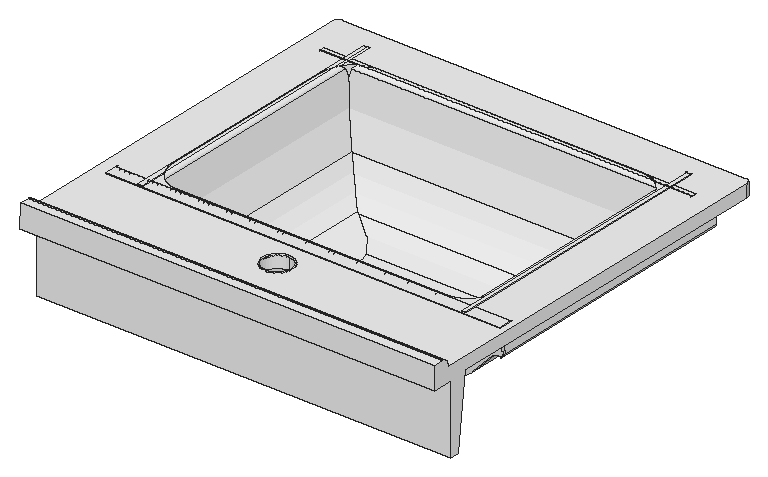
Revit family "Zara WB 50cm Vanity", category Plumbing Fixtures, host Wall, Revit 2023
Family settings
  Host = Wall
  Round Connector Dimension = Use Diameter
  Part Type = Normal
  OmniClass Number = 23.45.00.00
  OmniClass Title = Sanitary, Laundry, and Cleaning Equipment
  Enable Cutting in Views = No
  Always vertical = Yes
  Cut with Voids When Loaded = No
  Maintain Annotation Orientation = No
  Shared = No
  Room Calculation Point = No
Parameters (values of type "Type 1")
  Default Elevation = 0 mm
Reference planes
  plane 1: y = 0
  plane 2 "Center (Left/Right)": x = 125
  plane 3 "Back": y = 75
Text (mm)
  text "Placement side" at (-1787.139, 592.35, 0), in view "Ref. Level"
  text "Placement side" at (0, 230.823, 2917.686), in view "Left"
  text "Placement side" at (0, 562.268, 3853.606), in view "Right"
Dimensions and locks
  locked: plane 3 "Back" to host wall
  aligned and locked: host wall to plane 1
Nested families
  nested 1: "Zara WB 50cm Vanity" at (125, 75, 0) x (-1, 0, 0) z (0, 0, 1), type "Zara WB 50cm Vanity"
Definition of nested family "Zara WB 50cm Vanity"
  Parameters (values of type "Zara WB 50cm Vanity")
    Silver = none
    Default Elevation = 0 mm
    Ceramic = none
  Reference planes
    plane 1 "Center (Front/Back)": y = 0
    plane 2: z = 0
    plane 3 "Center (Left/Right)": x = 0
  Forms (mm)
    Extrusion 1, solid, material <- "Ceramic"
      sketch origin (0, 0, 0) x (1, 0, 0) y (0, 1, 0)
        loop
          line (-248.5, 0) -> (-248.5, -468.863)
          arc (-248.5, -468.863) -> (-246.272, -473.633) -> (-241.395, -475.616) r 7.208
          line (-241.395, -475.616) -> (0, -476) -> (241.395, -475.616)
          arc (241.395, -475.616) -> (246.272, -473.633) -> (248.5, -468.863) r 7.208
          line (248.5, -468.863) -> (248.5, 0) -> (-248.5, 0)
        loop
          arc (-156.484, -124.844) -> (-184.74, -136.097) -> (-196.506, -164.142) r 39.303
          line (-196.506, -164.142) -> (-196.5, -384.455)
          arc (-196.5, -384.455) -> (-185.009, -412.225) -> (-157.257, -423.757) r 39.303
          line (-157.257, -423.757) -> (0, -424) -> (157.257, -423.757)
          arc (157.257, -423.757) -> (185.009, -412.225) -> (196.5, -384.455) r 39.303
          line (196.5, -384.455) -> (196.506, -164.142)
          arc (196.506, -164.142) -> (184.74, -136.097) -> (156.484, -124.844) r 39.303
          line (156.484, -124.844) -> (0, -124.844) -> (-156.484, -124.844)
      from 0 to 15
    Extrusion 2, solid, material <- "Ceramic"
      sketch origin (0, 0, 0) x (0, 1, 0) y (0, 0, 1)
        loop
          line (-20.164, 15) -> (-48.178, 15) -> (-35.309, -85) -> (-25, -85) -> (-25, -2) -> (0, -2) -> (0, 25) -> (-12.126, 25)
          arc (-12.126, 25) -> (-13.314, 24.9) -> (-14.469, 24.604) r 7.126
          arc (-14.469, 24.604) -> (-17.917, 22.261) -> (-19.824, 18.554) r 8.443
          line (-19.824, 18.554) -> (-19.945, 17.295) -> (-20.164, 15)
      from -248.5 to 248.5
    Extrusion 3, solid, material <- "Ceramic"
      sketch origin (0, 0, 0) x (0, 1, 0) y (0, 0, 1)
        loop
          line (-418.973, 14.982) -> (-424, 15) -> (-424, 0) -> (-455.452, 0)
          arc (-455.452, 0) -> (-453.761, -0.851) -> (-453, -2.585) r 2.795
          line (-453, -2.585) -> (-453, -30.688)
          arc (-453, -30.688) -> (-452.239, -32.422) -> (-450.548, -33.273) r 2.795
          line (-450.548, -33.273) -> (-432.69, -33.273)
          arc (-432.69, -33.273) -> (-431.229, -33.666) -> (-430.334, -34.887) r 2.285
          arc (-430.334, -34.887) -> (-407.18, -82.303) -> (-361.098, -108.01) r 88.185
          arc (-361.098, -108.01) -> (-310.759, -115.988) -> (-259.886, -119.083) r 528.898
          arc (-259.886, -119.083) -> (-288.368, -116.148) -> (-316.694, -111.974) r 657.127
          arc (-316.694, -111.974) -> (-336.09, -106.961) -> (-354.474, -99.002) r 128.869
          arc (-354.474, -99.002) -> (-375.867, -83.571) -> (-391.698, -62.474) r 87.637
          arc (-391.698, -62.474) -> (-406.724, -26.846) -> (-414.021, 11.127) r 185.098
          arc (-414.021, 11.127) -> (-415.835, 13.905) -> (-418.973, 14.982) r 5.109
      from -223.06 to 223.06
    Extrusion 4, solid, material <- "Ceramic"
      sketch origin (0, 0, 0) x (0, 1, 0) y (0, 0, 1)
        loop
          line (-108.74, 15) -> (-124.844, 15)
          arc (-124.844, 15) -> (-128.12, 13.802) -> (-130, 10.864) r 5.454
          line (-130, 10.864) -> (-132.677, -19.703) -> (-143.1, -105.669)
          arc (-143.1, -105.669) -> (-147.358, -112.985) -> (-154.899, -116.828) r 14.993
          line (-154.899, -116.828) -> (-165.273, -118.61) -> (-165.273, -121.654) -> (-154.37, -119.781)
          arc (-154.37, -119.781) -> (-145.236, -115.107) -> (-140.142, -106.201) r 17.993
          line (-140.142, -106.201) -> (-129.693, -20.015) -> (-127.036, 10.322)
          arc (-127.036, 10.322) -> (-126.18, 11.511) -> (-124.799, 12) r 2.454
          line (-124.799, 12) -> (-108.74, 12) -> (-108.74, 15)
      from -240 to 233.329
    Extrusion 5, solid, material <- "Ceramic"
      sketch origin (0, 0, 0) x (-1, 0, 0) y (0, 0, -1)
        loop
          line (191.485, -14.982) -> (196.511, -15) -> (196.511, 0) -> (227.963, 0)
          arc (227.963, 0) -> (226.272, 0.851) -> (225.511, 2.585) r 2.795
          line (225.511, 2.585) -> (225.511, 30)
          arc (225.511, 30) -> (224.751, 31.734) -> (223.06, 32.585) r 2.795
          line (223.06, 32.585) -> (216.789, 32.585)
          arc (216.789, 32.585) -> (215.738, 32.732) -> (214.826, 33.273) r 2.682
          arc (214.826, 33.273) -> (135.961, 96.87) -> (37.469, 120.61) r 231.04
          line (37.469, 120.61) -> (37.469, 118.61)
          arc (37.469, 118.61) -> (84.17, 113.051) -> (128.751, 98.072) r 229.04
          arc (128.751, 98.072) -> (149.086, 82.869) -> (164.21, 62.474) r 87.637
          arc (164.21, 62.474) -> (179.236, 26.846) -> (186.532, -11.127) r 185.098
          arc (186.532, -11.127) -> (188.346, -13.905) -> (191.485, -14.982) r 5.109
      from 111.966 to 450.548
    Extrusion 6, solid, material <- "Ceramic"
      sketch origin (0, 0, 0) x (1, 0, 0) y (0, 0, 1)
        loop
          arc (191.485, 14.982) -> (188.346, 13.905) -> (186.532, 11.127) r 5.109
          arc (186.532, 11.127) -> (179.236, -26.846) -> (164.21, -62.474) r 185.098
          arc (164.21, -62.474) -> (149.086, -82.869) -> (128.751, -98.072) r 87.637
          arc (128.751, -98.072) -> (84.17, -113.051) -> (37.469, -118.61) r 229.04
          line (37.469, -118.61) -> (37.469, -120.61)
          arc (37.469, -120.61) -> (135.961, -96.87) -> (214.826, -33.273) r 231.04
          arc (214.826, -33.273) -> (215.738, -32.732) -> (216.789, -32.585) r 2.682
          line (216.789, -32.585) -> (223.06, -32.585)
          arc (223.06, -32.585) -> (224.751, -31.734) -> (225.511, -30) r 2.795
          line (225.511, -30) -> (225.511, -2.585)
          arc (225.511, -2.585) -> (226.272, -0.851) -> (227.963, 0) r 2.795
          line (227.963, 0) -> (196.511, 0) -> (196.511, 15) -> (191.485, 14.982)
      from 111.966 to 450.548
    Extrusion 7, void
      sketch origin (0, 0, 0) x (0, 1, 0) y (0, 0, 1)
        loop
          line (-432.69, -33.273) -> (-457.267, -33.273) -> (-457.267, -146.338) -> (-259.886, -146.338) -> (-259.886, -119.083)
          arc (-259.886, -119.083) -> (-310.759, -115.988) -> (-361.098, -108.01) r 528.898
          arc (-361.098, -108.01) -> (-407.18, -82.303) -> (-430.334, -34.887) r 88.185
          arc (-430.334, -34.887) -> (-431.229, -33.666) -> (-432.69, -33.273) r 2.285
      from -289.729 to 250
    Extrusion 8, void
      sketch origin (0, 0, 0) x (1, 0, 0) y (0, 0, 1)
        loop
          line (-267.469, 0) -> (-267.469, -150.61) -> (-37.469, -150.61) -> (-37.469, -120.61)
          arc (-37.469, -120.61) -> (-135.961, -96.87) -> (-214.826, -33.273) r 231.04
          arc (-214.826, -33.273) -> (-215.738, -32.732) -> (-216.789, -32.585) r 2.682
          line (-216.789, -32.585) -> (-223.06, -32.585)
          arc (-223.06, -32.585) -> (-224.751, -31.734) -> (-225.511, -30) r 2.795
          line (-225.511, -30) -> (-225.511, -2.585)
          arc (-225.511, -2.585) -> (-226.272, -0.851) -> (-227.963, 0) r 2.795
          line (-227.963, 0) -> (-267.469, 0)
        loop
          line (267.469, 0) -> (227.963, 0)
          arc (227.963, 0) -> (226.272, -0.851) -> (225.511, -2.585) r 2.795
          line (225.511, -2.585) -> (225.511, -30)
          arc (225.511, -30) -> (224.751, -31.734) -> (223.06, -32.585) r 2.795
          line (223.06, -32.585) -> (216.789, -32.585)
          arc (216.789, -32.585) -> (215.738, -32.732) -> (214.826, -33.273) r 2.682
          arc (214.826, -33.273) -> (135.961, -96.87) -> (37.469, -120.61) r 231.04
          line (37.469, -120.61) -> (37.469, -150.61) -> (267.469, -150.61) -> (267.469, 0)
      from 0 to 536.091
    Extrusion 9, void
      sketch origin (0, 0, 0) x (0, 1, 0) y (0, 0, 1)
        loop
          line (-127.94, 0) -> (-129.693, -20.015) -> (-140.142, -106.201)
          arc (-140.142, -106.201) -> (-145.236, -115.107) -> (-154.37, -119.781) r 17.993
          line (-154.37, -119.781) -> (-165.273, -121.654) -> (-96.8, -121.654) -> (-96.8, 0) -> (-127.94, 0)
      from -475.074 to 250
    Extrusion 10, solid, material <- "Ceramic"
      sketch origin (0, 0, 0) x (1, 0, 0) y (0, 1, 0)
        loop
          line (-37.469, -259.886) -> (37.469, -259.886) -> (37.469, -165.273) -> (-37.469, -165.273) -> (-37.469, -259.886)
      from -120.988 to -118.61
    Extrusion 11, void
      sketch origin (0, 0, 0) x (1, 0, 0) y (0, 1, 0)
        loop
          circle (0, -75) r 18
      from -2.585 to 17.412
    Revolve 12, solid, material <- "Ceramic"
      sketch origin (0, 0, 0) x (0, 1, 0) y (0, 0, 1)
        loop
          line (-93, 0) -> (-92, 0) -> (-92, 14)
          arc (-92, 14) -> (-92.293, 14.707) -> (-93, 15) r 1
          line (-93, 15) -> (-93, 0)
        axis (-75, 15) -> (-75, 0)
      angle from 0 to 360
    Extrusion 13, void
      sketch origin (0, 0, 0) x (1, 0, 0) y (0, 1, 0)
        loop
          circle (0, -198.5) r 22.5
      from -129.358 to -104.941
    Extrusion 14, solid, material <- "Ceramic"
      sketch origin (0, 0, 0) x (0, 1, 0) y (0, 0, 1)
        loop
          line (-126.24, -127.504) -> (-109.108, 12) -> (-124.799, 12)
          arc (-124.799, 12) -> (-126.18, 11.511) -> (-127.036, 10.322) r 2.454
          line (-127.036, 10.322) -> (-129.693, -20.015) -> (-140.142, -106.201)
          arc (-140.142, -106.201) -> (-145.236, -115.107) -> (-154.37, -119.781) r 17.993
          line (-154.37, -119.781) -> (-176.444, -123.572) -> (-183.855, -128.592) -> (-183.855, -150.485) -> (-155.285, -150.485)
          arc (-155.285, -150.485) -> (-144.595, -148.756) -> (-135.303, -143.194) r 28.741
          arc (-135.303, -143.194) -> (-129.532, -136.065) -> (-126.24, -127.504) r 29.384
      from -17.5 to 17.5
    Revolve 15, solid, material <- "Ceramic"
      sketch origin (0, 0, 0) x (0, 1, 0) y (0, 0, 1)
        loop
          line (-176.5, -160) -> (-176.5, -128.592) -> (-165.273, -120.988) -> (-183.176, -120.988) -> (-183.176, -160) -> (-176.5, -160)
        axis (-199, -120.988) -> (-199, -160)
      angle from 0 to 360
    Revolve 16, solid, material <- "Silver"
      sketch origin (0, -7, -840.079) x (0, 1, 0) y (0, 0, 1)
        loop
          line (-169.5, 721.469) -> (-169.5, 722.469)
          arc (-169.5, 722.469) -> (-169.793, 723.176) -> (-170.5, 723.469) r 1
          line (-170.5, 723.469) -> (-176.5, 723.469)
          arc (-176.5, 723.469) -> (-177.207, 723.176) -> (-177.5, 722.469) r 1
          line (-177.5, 722.469) -> (-177.5, 718.713)
          arc (-177.5, 718.713) -> (-177.646, 718.359) -> (-178, 718.213) r 0.5
          line (-178, 718.213) -> (-192, 718.213) -> (-192, 717.213) -> (-176.15, 717.213) -> (-176.15, 720.469)
          arc (-176.15, 720.469) -> (-175.857, 721.176) -> (-175.15, 721.469) r 1
          line (-175.15, 721.469) -> (-169.5, 721.469)
        axis (-192, 717.213) -> (-192, 723.469)
      angle from 0 to 360
    Extrusion 17, void
      sketch origin (0, -7, -840.079) x (1, 0, 0) y (0, 1, 0)
        loop
          circle (0, -192) r 3
        loop
          circle (-8.778, -192) r 3
        loop
          circle (-4.389, -184.398) r 3
        loop
          circle (4.389, -184.398) r 3
        loop
          circle (8.778, -192) r 3
        loop
          circle (4.389, -199.602) r 3
        loop
          circle (-4.389, -199.602) r 3
      from 710.891 to 726.281
  Cuts and joins
    Extrusion 11 cuts Extrusion 1
    Extrusion 11 cuts Extrusion 2
    joined: Extrusion 1, Extrusion 2, Revolve 12
    Extrusion 7, Extrusion 9 cuts Extrusion 6
    Extrusion 7, Extrusion 9 cuts Extrusion 5
    Extrusion 8 cuts Extrusion 4
    Extrusion 8 cuts Extrusion 3
    Extrusion 13 cuts Extrusion 10
    Extrusion 17 cuts Revolve 16
  Lines and regions (mm)
    model lines
      curve 1: line (3065.004, -370.338, 0) -> (5055.332, -370.338, 0)
      curve 2: line (3065.004, -292.125, 0) -> (5055.332, -292.125, 0)
      curve 3: line (3065.004, -239.371, 0) -> (5055.332, -239.371, 0)
      curve 4: line (3065.004, -180.499, 0) -> (5055.332, -180.499, 0)
      curve 5: line (3065.004, -111.966, 0) -> (5055.332, -111.966, 0)
      curve 6: line (3501.296, -111.966, 0) -> (3501.296, -515.648, 0)
      curve 7: line (4614.047, -111.966, 0) -> (4614.047, -515.648, 0)
      curve 8: line (4272.836, -515.648, 0) -> (4525.004, -515.648, 0)
      curve 9: line (4525.004, -515.648, 0) -> (4757.857, -515.648, 0)
      curve 10: line (4735.004, -515.648, 0) -> (5055.332, -515.648, 0)
      curve 11: line (5055.332, -515.648, 0) -> (5055.332, 2309.352, 0)
      curve 12: line (5055.332, 2309.352, 0) -> (4468.331, 2309.352, 0)
      curve 13: line (4485.004, 2309.352, 0) -> (3568.602, 2309.352, 0)
      curve 14: line (3585.004, 2309.352, 0) -> (3065.004, 2309.352, 0)
      curve 15: line (3065.004, 2309.352, 0) -> (3065.004, -515.648, 0)
      curve 16: line (3065.004, -515.648, 0) -> (4318.728, -515.648, 0)
    model lines, not visible
      curve 17: line (-692.291, -1585.934, 0) -> (1298.037, -1585.934, 0)
      curve 18: line (-692.291, -1507.72, 0) -> (1298.037, -1507.72, 0)
      curve 19: line (-692.291, -1454.966, 0) -> (1298.037, -1454.966, 0)
      curve 20: line (-692.291, -1396.094, 0) -> (1298.037, -1396.094, 0)
      curve 21: line (-692.291, -1327.561, 0) -> (1298.037, -1327.561, 0)
      curve 22: line (-255.999, -1327.561, 0) -> (-255.999, -1731.243, 0)
      curve 23: line (856.752, -1327.561, 0) -> (856.752, -1731.243, 0)
      curve 24: line (515.541, -1731.243, 0) -> (767.709, -1731.243, 0)
      curve 25: line (767.709, -1731.243, 0) -> (1000.562, -1731.243, 0)
      curve 26: line (977.709, -1731.243, 0) -> (1298.037, -1731.243, 0)
      curve 27: line (1298.037, -1731.243, 0) -> (1298.037, 1093.757, 0)
      curve 28: line (1298.037, 1093.757, 0) -> (711.036, 1093.757, 0)
      curve 29: line (727.709, 1093.757, 0) -> (-188.693, 1093.757, 0)
      curve 30: line (-172.291, 1093.757, 0) -> (-692.291, 1093.757, 0)
      curve 31: line (-692.291, 1093.757, 0) -> (-692.291, -1731.243, 0)
      curve 32: line (-692.291, -1731.243, 0) -> (561.433, -1731.243, 0)
      curve 33: arc (227.952, 338.258, 0) -> (226.261, 337.407, 0) -> (225.5, 335.673, 0) r 2.795
      curve 34: arc (223.048, 305.673, 0) -> (224.739, 306.524, 0) -> (225.5, 308.258, 0) r 2.795
      curve 35: arc (37.5, 217.649, 0) -> (135.975, 241.396, 0) -> (214.826, 304.985, 0) r 231.04
      curve 36: arc (216.463, 305.673, 0) -> (215.586, 305.468, 0) -> (214.826, 304.985, 0) r 2.682
      curve 37: arc (248.5, 360.302, 0) -> (247.566, 362.356, 0) -> (245.497, 363.258, 0) r 3.151
      curve 38: arc (244.09, 338.258, 0) -> (247.204, 339.554, 0) -> (248.5, 342.668, 0) r 4.424
      curve 39: arc (-225.5, 335.673, 0) -> (-226.261, 337.407, 0) -> (-227.952, 338.258, 0) r 2.795
      curve 40: arc (-225.5, 308.258, 0) -> (-224.739, 306.524, 0) -> (-223.048, 305.673, 0) r 2.795
      curve 41: arc (-214.826, 304.985, 0) -> (-135.975, 241.396, 0) -> (-37.5, 217.649, 0) r 231.04
      curve 42: arc (-214.826, 304.985, 0) -> (-215.586, 305.468, 0) -> (-216.463, 305.673, 0) r 2.682
      curve 43: arc (-245.497, 363.258, 0) -> (-247.566, 362.356, 0) -> (-248.5, 360.302, 0) r 3.151
      curve 44: arc (-248.5, 342.668, 0) -> (-247.204, 339.554, 0) -> (-244.09, 338.258, 0) r 4.424
      curve 45: line (225.5, 335.673, 0) -> (225.5, 308.258, 0)
      curve 46: line (223.048, 305.673, 0) -> (216.463, 305.673, 0)
      curve 47: line (248.5, 360.302, 0) -> (248.5, 352.258, 0)
      curve 48: line (248.5, 352.258, 0) -> (248.5, 342.668, 0)
      curve 49: line (37.5, 217.649, 0) -> (-37.5, 217.649, 0)
      curve 50: line (-37.5, 217.649, 0) -> (-32.5, 178.258, 0)
      curve 51: line (-32.5, 178.258, 0) -> (32.5, 178.258, 0)
      curve 52: line (32.5, 178.258, 0) -> (37.5, 217.649, 0)
      curve 53: line (248.5, 353.258, 0) -> (0, 353.258, 0)
      curve 54: line (0, 353.258, 0) -> (-248.5, 353.258, 0)
      curve 55: line (245.497, 363.258, 0) -> (0, 363.258, 0)
      curve 56: line (0, 363.258, 0) -> (-245.497, 363.258, 0)
      curve 57: line (-244.09, 338.258, 0) -> (-227.952, 338.258, 0)
      curve 58: line (-227.952, 338.258, 0) -> (227.952, 338.258, 0)
      curve 59: line (227.952, 338.258, 0) -> (244.09, 338.258, 0)
      curve 60: line (-225.5, 338.258, 0) -> (-225.5, 308.258, 0)
      curve 61: line (-223.048, 305.673, 0) -> (-216.463, 305.673, 0)
      curve 62: line (-248.5, 360.302, 0) -> (-248.5, 352.258, 0)
      curve 63: line (-248.5, 352.258, 0) -> (-248.5, 342.668, 0)
      curve 64: line (597.207, 378.471, 0) -> (597.207, 348.045, 0)
      curve 65: line (640.95, 325.619, 0) -> (667.745, 325.619, 0)
      curve 66: line (579.707, 353.258, 0) -> (614.707, 353.258, 0)
      curve 67: line (698.707, 208.9, 0) -> (743.707, 208.9, 0)
      curve 68: line (687.48, 217.271, 0) -> (756.557, 217.271, 0)
      curve 69: line (721.207, 161.674, 0) -> (721.207, 233.317, 0)
      curve 70: line (698.707, 178.258, 0) -> (743.707, 178.258, 0)
      curve 71: line (655.543, 313.119, 0) -> (653.171, 338.119, 0)
      curve 72: line (623.983, 353.258, 0) -> (975.76, 353.258, 0)
      curve 73: arc (652.207, 349.122, 0) -> (650.327, 352.06, 0) -> (647.052, 353.258, 0) r 5.454
      curve 74: arc (657.51, 195.064, 0) -> (666.802, 189.502, 0) -> (677.492, 187.773, 0) r 28.741
      curve 75: arc (757.618, 217.649, 0) -> (756.324, 217.168, 0) -> (755.113, 216.504, 0) r 9.477
      curve 76: arc (665.786, 228.64, 0) -> (670.177, 222.347, 0) -> (677.107, 219.052, 0) r 14.993
      curve 77: arc (648.447, 210.755, 0) -> (651.739, 202.193, 0) -> (657.51, 195.064, 0) r 29.384
      curve 78: arc (542.032, 356.812, 0) -> (540.125, 360.519, 0) -> (536.676, 362.862, 0) r 8.443
      curve 79: arc (536.676, 362.862, 0) -> (535.521, 363.158, 0) -> (534.333, 363.258, 0) r 7.126
      curve 80: arc (941.32, 353.239, 0) -> (938.098, 352.206, 0) -> (936.228, 349.385, 0) r 5.109
      curve 81: arc (913.906, 275.784, 0) -> (928.932, 311.412, 0) -> (936.228, 349.385, 0) r 185.098
      curve 82: arc (882.648, 242.617, 0) -> (900.471, 257.133, 0) -> (913.906, 275.784, 0) r 87.637
      curve 83: arc (757.618, 217.649, 0) -> (798.394, 220.701, 0) -> (838.901, 226.284, 0) r 657.127
      curve 84: arc (838.901, 226.284, 0) -> (861.521, 232.452, 0) -> (882.648, 242.617, 0) r 128.869
      curve 85: arc (883.305, 230.248, 0) -> (930.511, 257.165, 0) -> (952.975, 306.645, 0) r 88.185
      curve 86: arc (782.093, 219.175, 0) -> (832.966, 222.27, 0) -> (883.305, 230.248, 0) r 528.898
      curve 87: arc (977.659, 338.258, 0) -> (975.968, 337.407, 0) -> (975.207, 335.673, 0) r 2.795
      curve 88: arc (972.756, 308.258, 0) -> (974.447, 309.11, 0) -> (975.207, 310.844, 0) r 2.795
      curve 89: arc (955.331, 308.258, 0) -> (953.87, 307.865, 0) -> (952.975, 306.645, 0) r 2.285
      curve 90: line (542.032, 356.812, 0) -> (542.152, 355.553, 0)
      curve 91: line (542.152, 355.553, 0) -> (542.371, 353.258, 0)
      curve 92: line (542.371, 353.258, 0) -> (579.707, 353.258, 0)
      curve 93: line (652.207, 349.122, 0) -> (653.171, 338.119, 0)
      curve 94: line (655.543, 313.119, 0) -> (665.786, 228.64, 0)
      curve 95: line (977.659, 338.258, 0) -> (998.207, 338.258, 0)
      curve 96: line (998.207, 338.258, 0) -> (998.207, 353.258, 0)
      curve 97: line (998.207, 353.258, 0) -> (941.32, 353.239, 0)
      curve 98: line (614.707, 353.258, 0) -> (647.052, 353.258, 0)
      curve 99: line (648.447, 210.755, 0) -> (630.947, 353.258, 0)
      curve 100: line (698.707, 178.258, 0) -> (698.707, 187.773, 0)
      curve 101: line (698.707, 187.773, 0) -> (677.492, 187.773, 0)
      curve 102: line (755.113, 216.504, 0) -> (743.707, 208.9, 0)
      curve 103: line (743.707, 208.9, 0) -> (743.707, 178.258, 0)
      curve 104: line (677.107, 219.052, 0) -> (687.48, 217.271, 0)
      curve 105: line (687.48, 217.271, 0) -> (698.707, 209.667, 0)
      curve 106: line (698.707, 209.667, 0) -> (698.707, 198.583, 0)
      curve 107: line (534.333, 363.258, 0) -> (522.207, 363.258, 0)
      curve 108: line (522.207, 363.258, 0) -> (522.207, 353.258, 0)
      curve 109: line (522.207, 353.258, 0) -> (522.207, 336.258, 0)
      curve 110: line (522.207, 336.258, 0) -> (547.207, 336.258, 0)
      curve 111: line (547.207, 336.258, 0) -> (547.207, 253.258, 0)
      curve 112: line (547.207, 253.258, 0) -> (557.516, 253.258, 0)
      curve 113: line (557.516, 253.258, 0) -> (570.385, 353.258, 0)
      curve 114: line (975.207, 335.673, 0) -> (975.207, 310.844, 0)
      curve 115: line (972.756, 308.258, 0) -> (955.331, 308.258, 0)
      curve 116: line (0, -167.232, 0) -> (0, -198.5, 0)
      curve 117: line (0, -198.5, 0) -> (31.268, -198.5, 0)
      curve 118: line (-31.268, -198.5, 0) -> (0, -198.5, 0)
      curve 119: line (0, -198.5, 0) -> (0, -229.768, 0)
      curve 120: line (-22.3, -74.5, 0) -> (0, -74.5, 0)
      curve 121: line (0, -74.5, 0) -> (22.3, -74.5, 0)
      curve 122: line (0, -96.8, 0) -> (0, -74.5, 0)
      curve 123: line (0, -74.5, 0) -> (0, -52.2, 0)
      curve 124: arc (241.395, -475.616, 0) -> (246.272, -473.633, 0) -> (248.5, -468.863, 0) r 7.208
      curve 125: arc (196.506, -169.291, 0) -> (184.737, -141.25, 0) -> (156.484, -130, 0) r 39.303
      curve 126: arc (157.197, -423.757, 0) -> (184.973, -412.261, 0) -> (196.5, -384.497, 0) r 39.303
      curve 127: circle (0, -74.5, 0) r 17.5 normal (0, 0, 1)
      curve 128: circle (0, -198.5, 0) r 22.5 normal (0, 0, 1)
      curve 129: arc (-248.5, -468.863, 0) -> (-246.272, -473.633, 0) -> (-241.395, -475.616, 0) r 7.208
      curve 130: arc (-156.484, -130, 0) -> (-184.737, -141.25, 0) -> (-196.506, -169.291, 0) r 39.303
      curve 131: arc (-196.5, -384.497, 0) -> (-184.973, -412.261, 0) -> (-157.197, -423.757, 0) r 39.303
      curve 132: arc (-246.754, 0, 0) -> (-247.986, -0.514, 0) -> (-248.5, -1.746, 0) r 1.754
      curve 133: line (246.754, 0, 0) -> (-246.754, 0, 0)
      curve 134: line (248.5, -18, 0) -> (-248.5, -18, 0)
      curve 135: line (-241.395, -475.616, 0) -> (0, -476, 0)
      curve 136: line (0, -476, 0) -> (241.395, -475.616, 0)
      curve 137: line (0, -424, 0) -> (157.197, -423.757, 0)
      curve 138: line (248.5, -1.746, 0) -> (248.5, -468.863, 0)
      curve 139: line (196.506, -169.291, 0) -> (196.5, -384.497, 0)
      curve 140: line (-156.484, -130, 0) -> (0, -130, 0)
      curve 141: line (0, -130, 0) -> (156.484, -130, 0)
      curve 142: line (0, -424, 0) -> (-157.197, -423.757, 0)
      curve 143: line (-248.5, -1.746, 0) -> (-248.5, -468.863, 0)
      curve 144: line (-196.506, -169.291, 0) -> (-196.5, -384.497, 0)
  Text (mm)
    text "  Zara WB 50cm Vanity\n   (Provisional Drawing)" at (3794.353, -385.616, 0), in view "Ref. Level"
    text "20/4/2021" at (4742.148, -182.918, 0), in view "Ref. Level"
    text "Date Of Rev\n." at (4712.779, -125.79, 0), in view "Ref. Level"
    text "Scale :\n1:10" at (4735.417, -426.525, 0), in view "Ref. Level"
    text "Reason\n." at (3999.581, -122.47, 0), in view "Ref. Level"
    text "Revision No\n." at (3140.619, -126.66, 0), in view "Ref. Level"
    text "Initial Issue\n." at (3546.037, -182.11, 0), in view "Ref. Level"
    text "0" at (3266.191, -185.5, 0), in view "Ref. Level"
    text "Disclaimer:\n-Fixture dimensions are nominal and conform to tolerances as per European Norms.\n-This drawing may not be copied or passed on to a third party without our permission.\n-Lecico accepts no liability whatsoever for this data and technical drawings. Other parties use them at their own risk.\n-The dimensions indicated are not binding, Lecico reserves the right to make product   drawings changes without prior notice." at (3134.546, 126.887, 0), in view "Ref. Level"
    text "/" at (4379.889, -29.224, 0), in view "Ref. Level"
    text "20/10/2021" at (4736.533, -238.802, 0), in view "Ref. Level"
    text "The name has been\nchanged." at (3550.275, -235.342, 0), in view "Ref. Level"
    text "1" at (3270.428, -238.819, 0), in view "Ref. Level"
    text "  Zara WB 50cm Vanity\n   (Provisional Drawing)" at (37.058, -1601.212, 0), in view "Ref. Level", not visible
    text "20/4/2021" at (984.853, -1398.513, 0), in view "Ref. Level", not visible
    text "Date Of Rev\n." at (955.484, -1341.385, 0), in view "Ref. Level", not visible
    text "Scale :\n1:10" at (978.122, -1642.12, 0), in view "Ref. Level", not visible
    text "Reason\n." at (242.286, -1338.066, 0), in view "Ref. Level", not visible
    text "Revision No\n." at (-616.676, -1342.256, 0), in view "Ref. Level", not visible
    text "Initial Issue\n." at (-211.258, -1397.706, 0), in view "Ref. Level", not visible
    text "0" at (-491.104, -1401.096, 0), in view "Ref. Level", not visible
    text "Disclaimer:\n-Fixture dimensions are nominal and conform to tolerances as per European Norms.\n-This drawing may not be copied or passed on to a third party without our permission.\n-Lecico accepts no liability whatsoever for this data and technical drawings. Other parties use them at their own risk.\n-The dimensions indicated are not binding, Lecico reserves the right to make product   drawings changes without prior notice." at (-622.749, -1088.708, 0), in view "Ref. Level", not visible
    text "/" at (622.594, -1244.819, 0), in view "Ref. Level", not visible
    text "20/10/2021" at (979.238, -1454.398, 0), in view "Ref. Level", not visible
    text "The name has been\nchanged." at (-207.02, -1450.938, 0), in view "Ref. Level", not visible
    text "1" at (-486.867, -1454.414, 0), in view "Ref. Level", not visible
  Dimensions and locks
    aligned and locked: level to plane 2
